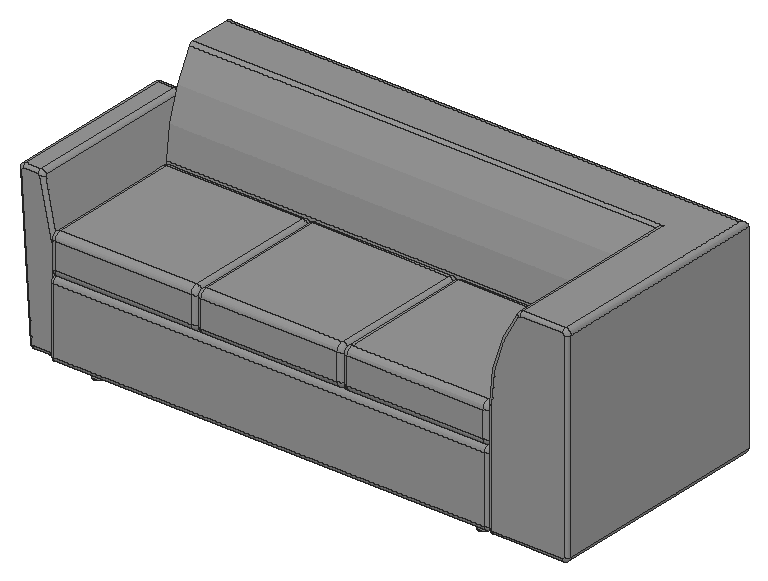
Revit family "Dylan", category Furniture, Revit 2016
Family settings
  OmniClass Number = 23.40.20.00
  OmniClass Title = General Furniture and Specialties
  Work Plane-Based = No
  Always vertical = Yes
  Cut with Voids When Loaded = No
  Shared = Yes
  Room Calculation Point = No
Parameters (values of type "Triple Seat-Right Corner Left Arm")
  Unit Width [instance] = 66"
  Unit Height = 33"
  Unit Depth = 34"
  Single Cushion = no
  Seat Height = 19"
  Seat Depth = 22"
  Seat Fabric [instance] = Linen, Beige
  Right Corner = yes
  Right Arm = no
  Number of cushions = 3
  No Corners = no
  More than one cushion = yes
  Leg Style [instance] = PG42AM : PG40-AM
  Left Corner = no
  Left Arm = yes
  Base Fabric [instance] = Linen, Beige
  Back Fabric [instance] = Linen, Beige
  Description = "Ridge S1 Unit 28\""
  Arm Fabric [instance] = Linen, Beige
Types (17): name | Unit Width | Single Cushion | Right Corner | Right Arm | Number of cushions | No Corners | More than one cushion | Left Corner | Left Arm
  Single Seat-2 Arms | 22" | yes | no | yes | 3 | yes | no | no | yes
  Double Seat-2 Arms | 44" | no | no | yes | 2 | yes | yes | no | yes
  Double Seat-No Arms | 44" | no | no | no | 2 | yes | yes | no | no
  Double Seat Left Arm | 44" | no | no | no | 2 | yes | yes | no | yes
  Double Seat Right Arm | 44" | no | no | yes | 2 | yes | yes | no | no
  Single Seat-No Arms | 22" | yes | no | no | 2 | yes | no | no | no
  Single Seat Left Arm | 22" | yes | no | no | 2 | yes | no | no | yes
  Single Seat Right Arm | 22" | yes | no | yes | 2 | yes | no | no | no
  Triple Seat Left Arm | 66" | no | no | no | 3 | yes | yes | no | yes
  Triple Seat Right Arm | 66" | no | no | yes | 3 | yes | yes | no | no
  Triple Seat-2 Arms | 66" | no | no | yes | 3 | yes | yes | no | yes
  Triple Seat-No Arms | 66" | no | no | no | 3 | yes | yes | no | no
  Triple Seat-Right Corner | 66" | no | yes | no | 3 | no | yes | no | no
  Triple Seat-Left Corner | 66" | no | no | no | 3 | no | yes | yes | no
  Triple Seat-Left Corner-Right Arm | 66" | no | no | yes | 3 | no | yes | yes | no
  Triple Seat-Right Corner Left Arm | 66" | no | yes | no | 3 | no | yes | no | yes
  Corner Seat | 22" | yes | yes | no | 2 | no | no | no | no
Reference planes (in)
  plane 1 "Center Front/Back": y = 0
  plane 2: z = 0
  plane 3 "Center Left/Right": x = 0
  plane 4: x = 12
  plane 5: x = -54
  plane 6: y = 11
  plane 7: y = -11
  plane 8 "Seat Height": z = 19
  plane 9: z = 1.5
  plane 10: y = 23
  plane 11: z = 33
Forms (in)
  Extrusion 1, solid, material "Linen, Beige" <- "Base Fabric"
    sketch origin (0, 0, 1) x (0, 1, 0) y (0, 0, 1)
      loop
        line (-10.25, 1.5) -> (10.25, 1.5)
        arc (10.25, 1.5) -> (10.78033, 1.71967) -> (11, 2.25) r 0.75
        line (11, 2.25) -> (11, 12.25)
        arc (11, 12.25) -> (10.78033, 12.78033) -> (10.25, 13) r 0.75
        line (10.25, 13) -> (-10.25, 13)
        arc (-10.25, 13) -> (-10.78033, 12.78033) -> (-11, 12.25) r 0.75
        line (-11, 12.25) -> (-11, 2.25)
        arc (-11, 2.25) -> (-10.78033, 1.71967) -> (-10.25, 1.5) r 0.75
    from -54 to 12
  Extrusion 2, solid, material "Linen, Beige" <- "Back Fabric", visible <- "No Corners"
    sketch origin (0, 0, 1) x (0, 1, 0) y (0, 0, 1)
      loop
        arc (15.88901, 33) -> (15.54093, 32.91433) -> (15.27237, 32.67691) r 0.75
        arc (15.27237, 32.67691) -> (12.09295, 26.16434) -> (11, 19) r 24.02778
        line (11, 19) -> (11, 2.25)
        arc (11, 2.25) -> (11.21967, 1.71967) -> (11.75, 1.5) r 0.75
        line (11.75, 1.5) -> (22.25, 1.5)
        arc (22.25, 1.5) -> (22.78033, 1.71967) -> (23, 2.25) r 0.75
        line (23, 2.25) -> (23, 32.25)
        arc (23, 32.25) -> (22.78033, 32.78033) -> (22.25, 33) r 0.75
        line (22.25, 33) -> (15.88901, 33)
    from -54 to 12
  Sweep 3, void
    path in 3D
      loop
        arc (12, -10.25, 14) -> (12, -10.78033, 13.78033) -> (12, -11, 13.25) r 0.75
        line (12, -11, 13.25) -> (12, -11, 3.25)
        arc (12, -11, 3.25) -> (12, -10.78033, 2.71967) -> (12, -10.25, 2.5) r 0.75
        line (12, -10.25, 2.5) -> (12, 10.25, 2.5)
        arc (12, 10.25, 2.5) -> (12, 10.78033, 2.71967) -> (12, 11, 3.25) r 0.75
        line (12, 11, 3.25) -> (12, 11, 13.25)
        arc (12, 11, 13.25) -> (12, 10.78033, 13.78033) -> (12, 10.25, 14) r 0.75
        line (12, 10.25, 14) -> (12, -10.25, 14)
    profile "Profile_Parametric Radius : .5" radius" origin (12, 0, 14) x (1, 0, 0) y (0, 0, 1)
      loop
        arc (-0.5, 0) -> (-0.14645, -0.14645) -> (0, -0.5) r 0.5
        line (0, -0.5) -> (0, 0) -> (-0.5, 0)
  Sweep 4, void
    path in 3D
      loop
        arc (-54, 10.25, 14) -> (-54, 10.78033, 13.78033) -> (-54, 11, 13.25) r 0.75
        line (-54, 11, 13.25) -> (-54, 11, 3.25)
        arc (-54, 11, 3.25) -> (-54, 10.78033, 2.71967) -> (-54, 10.25, 2.5) r 0.75
        line (-54, 10.25, 2.5) -> (-54, -10.25, 2.5)
        arc (-54, -10.25, 2.5) -> (-54, -10.78033, 2.71967) -> (-54, -11, 3.25) r 0.75
        line (-54, -11, 3.25) -> (-54, -11, 13.25)
        arc (-54, -11, 13.25) -> (-54, -10.78033, 13.78033) -> (-54, -10.25, 14) r 0.75
        line (-54, -10.25, 14) -> (-54, 10.25, 14)
    profile "Profile_Parametric Radius : .5" radius" origin (-54, 0, 14) x (-1, 0, 0) y (0, 0, 1)
      loop
        arc (-0.5, 0) -> (-0.14645, -0.14645) -> (0, -0.5) r 0.5
        line (0, -0.5) -> (0, 0) -> (-0.5, 0)
  Sweep 5, void
    path in 3D
      loop
        arc (12, 15.88901, 34) -> (12, 15.54093, 33.91433) -> (12, 15.27237, 33.67691) r 0.75
        arc (12, 15.27237, 33.67691) -> (12, 12.09295, 27.16434) -> (12, 11, 20) r 24.02778
        line (12, 11, 20) -> (12, 11, 3.25)
        arc (12, 11, 3.25) -> (12, 11.21967, 2.71967) -> (12, 11.75, 2.5) r 0.75
        line (12, 11.75, 2.5) -> (12, 22.25, 2.5)
        arc (12, 22.25, 2.5) -> (12, 22.78033, 2.71967) -> (12, 23, 3.25) r 0.75
        line (12, 23, 3.25) -> (12, 23, 33.25)
        arc (12, 23, 33.25) -> (12, 22.78033, 33.78033) -> (12, 22.25, 34) r 0.75
        line (12, 22.25, 34) -> (12, 15.88901, 34)
    profile "Profile_Parametric Radius : .5" radius" origin (12, 19.0695, 34) x (1, 0, 0) y (0, 0, 1)
      loop
        arc (-0.5, 0) -> (-0.14645, -0.14645) -> (0, -0.5) r 0.5
        line (0, -0.5) -> (0, 0) -> (-0.5, 0)
  Sweep 6, void
    path in 3D
      loop
        arc (-54, 22.25, 34) -> (-54, 22.78033, 33.78033) -> (-54, 23, 33.25) r 0.75
        line (-54, 23, 33.25) -> (-54, 23, 3.25)
        arc (-54, 23, 3.25) -> (-54, 22.78033, 2.71967) -> (-54, 22.25, 2.5) r 0.75
        line (-54, 22.25, 2.5) -> (-54, 11.75, 2.5)
        arc (-54, 11.75, 2.5) -> (-54, 11.21967, 2.71967) -> (-54, 11, 3.25) r 0.75
        line (-54, 11, 3.25) -> (-54, 11, 20)
        arc (-54, 11, 20) -> (-54, 12.09295, 27.16434) -> (-54, 15.27237, 33.67691) r 24.02778
        arc (-54, 15.27237, 33.67691) -> (-54, 15.54093, 33.91433) -> (-54, 15.88901, 34) r 0.75
        line (-54, 15.88901, 34) -> (-54, 22.25, 34)
    profile "Profile_Parametric Radius : .5" radius" origin (-54, 19.0695, 34) x (-1, 0, 0) y (0, 0, 1)
      loop
        arc (-0.5, 0) -> (-0.14645, -0.14645) -> (0, -0.5) r 0.5
        line (0, -0.5) -> (0, 0) -> (-0.5, 0)
  Sweep 7, solid, material "Linen, Beige" <- "Back Fabric", visible <- "Right Corner"
    path origin (0, 0, 0) x (1, 0, 0) y (0, 1, 0)
      loop
        line (-54, 23) -> (24, 23) -> (24, -11)
    profile origin (-15, 23, 0) x (0, 1, 0) y (0, 0, 1)
      loop
        arc (-7.11099, 34) -> (-7.45907, 33.91433) -> (-7.72763, 33.67691) r 0.75
        arc (-7.72763, 33.67691) -> (-10.90705, 27.16434) -> (-12, 20) r 24.02778
        line (-12, 20) -> (-12, 3.25)
        arc (-12, 3.25) -> (-11.78033, 2.71967) -> (-11.25, 2.5) r 0.75
        line (-11.25, 2.5) -> (-0.75, 2.5)
        arc (-0.75, 2.5) -> (-0.21967, 2.71967) -> (0, 3.25) r 0.75
        line (0, 3.25) -> (0, 33.25)
        arc (0, 33.25) -> (-0.21967, 33.78033) -> (-0.75, 34) r 0.75
        line (-0.75, 34) -> (-7.11099, 34)
  Sweep 8, solid, material "Linen, Beige" <- "Back Fabric", visible <- "Left Corner"
    path origin (-48, 0, 0) x (-1, 0, 0) y (0, 1, 0)
      loop
        line (-60, 23) -> (18, 23) -> (18, -11)
    profile origin (-27, 23, 0) x (0, -1, 0) y (0, 0, 1)
      loop
        line (7.11099, 34) -> (0.75, 34)
        arc (0.75, 34) -> (0.21967, 33.78033) -> (0, 33.25) r 0.75
        line (0, 33.25) -> (0, 3.25)
        arc (0, 3.25) -> (0.21967, 2.71967) -> (0.75, 2.5) r 0.75
        line (0.75, 2.5) -> (11.25, 2.5)
        arc (11.25, 2.5) -> (11.78033, 2.71967) -> (12, 3.25) r 0.75
        line (12, 3.25) -> (12, 20)
        arc (12, 20) -> (10.90705, 27.16434) -> (7.72763, 33.67691) r 24.02778
        arc (7.72763, 33.67691) -> (7.45907, 33.91433) -> (7.11099, 34) r 0.75
  Sweep 9, void
    path in 3D
      loop
        arc (16.88901, -11, 34) -> (16.54093, -11, 33.91433) -> (16.27237, -11, 33.67691) r 0.75
        arc (16.27237, -11, 33.67691) -> (13.09295, -11, 27.16434) -> (12, -11, 20) r 24.02778
        line (12, -11, 20) -> (12, -11, 3.25)
        arc (12, -11, 3.25) -> (12.21967, -11, 2.71967) -> (12.75, -11, 2.5) r 0.75
        line (12.75, -11, 2.5) -> (23.25, -11, 2.5)
        arc (23.25, -11, 2.5) -> (23.78033, -11, 2.71967) -> (24, -11, 3.25) r 0.75
        line (24, -11, 3.25) -> (24, -11, 33.25)
        arc (24, -11, 33.25) -> (23.78033, -11, 33.78033) -> (23.25, -11, 34) r 0.75
        line (23.25, -11, 34) -> (16.88901, -11, 34)
    profile "Profile_Parametric Radius : .5" radius" origin (20.0695, -11, 34) x (0, -1, 0) y (0, 0, 1)
      loop
        arc (-0.5, 0) -> (-0.14645, -0.14645) -> (0, -0.5) r 0.5
        line (0, -0.5) -> (0, 0) -> (-0.5, 0)
  Sweep 10, void
    path in 3D
      loop
        arc (-65.25, -11, 34) -> (-65.78033, -11, 33.78033) -> (-66, -11, 33.25) r 0.75
        line (-66, -11, 33.25) -> (-66, -11, 3.25)
        arc (-66, -11, 3.25) -> (-65.78033, -11, 2.71967) -> (-65.25, -11, 2.5) r 0.75
        line (-65.25, -11, 2.5) -> (-54.75, -11, 2.5)
        arc (-54.75, -11, 2.5) -> (-54.21967, -11, 2.71967) -> (-54, -11, 3.25) r 0.75
        line (-54, -11, 3.25) -> (-54, -11, 20)
        arc (-54, -11, 20) -> (-55.09295, -11, 27.16434) -> (-58.27237, -11, 33.67691) r 24.02778
        arc (-58.27237, -11, 33.67691) -> (-58.54093, -11, 33.91433) -> (-58.88901, -11, 34) r 0.75
        line (-58.88901, -11, 34) -> (-65.25, -11, 34)
    profile "Profile_Parametric Radius : .5" radius" origin (-62.0695, -11, 34) x (0, -1, 0) y (0, 0, 1)
      loop
        arc (-0.5, 0) -> (-0.14645, -0.14645) -> (0, -0.5) r 0.5
        line (0, -0.5) -> (0, 0) -> (-0.5, 0)
Cuts and joins
  Sweep 3, Sweep 4 cuts Extrusion 1
  Sweep 5, Sweep 6 cuts Extrusion 2
  Sweep 9 cuts Sweep 7
  Sweep 10 cuts Sweep 8
Lines and regions (in)
  sketch lines
    curve 1: line (12, 10.25, 14) -> (12, -10.25, 14)
    curve 2: arc (12, -11, 13.25) -> (12, -10.78033, 13.78033) -> (12, -10.25, 14) r 0.75
    curve 3: line (12, -11, 13.25) -> (12, -11, 3.25)
    curve 4: arc (12, -10.25, 2.5) -> (12, -10.78033, 2.71967) -> (12, -11, 3.25) r 0.75
    curve 5: line (12, -10.25, 2.5) -> (12, 10.25, 2.5)
    curve 6: arc (12, 11, 3.25) -> (12, 10.78033, 2.71967) -> (12, 10.25, 2.5) r 0.75
    curve 7: arc (12, 10.25, 14) -> (12, 10.78033, 13.78033) -> (12, 11, 13.25) r 0.75
    curve 8: line (12, 11, 3.25) -> (12, 11, 13.25)
    curve 9: line (-54, -10.25, 14) -> (-54, 10.25, 14)
    curve 10: arc (-54, -10.25, 14) -> (-54, -10.78033, 13.78033) -> (-54, -11, 13.25) r 0.75
    curve 11: line (-54, -11, 3.25) -> (-54, -11, 13.25)
    curve 12: arc (-54, -11, 3.25) -> (-54, -10.78033, 2.71967) -> (-54, -10.25, 2.5) r 0.75
    curve 13: line (-54, 10.25, 2.5) -> (-54, -10.25, 2.5)
    curve 14: arc (-54, 10.25, 2.5) -> (-54, 10.78033, 2.71967) -> (-54, 11, 3.25) r 0.75
    curve 15: line (-54, 11, 13.25) -> (-54, 11, 3.25)
    curve 16: arc (-54, 11, 13.25) -> (-54, 10.78033, 13.78033) -> (-54, 10.25, 14) r 0.75
    curve 17: line (12, 22.25, 34) -> (12, 15.88901, 34)
    curve 18: arc (12, 15.27237, 33.67691) -> (12, 15.54093, 33.91433) -> (12, 15.88901, 34) r 0.75
    curve 19: arc (12, 11, 20) -> (12, 12.09295, 27.16434) -> (12, 15.27237, 33.67691) r 24.02778
    curve 20: line (12, 11, 20) -> (12, 11, 3.25)
    curve 21: arc (12, 11.75, 2.5) -> (12, 11.21967, 2.71967) -> (12, 11, 3.25) r 0.75
    curve 22: line (12, 11.75, 2.5) -> (12, 22.25, 2.5)
    curve 23: arc (12, 23, 3.25) -> (12, 22.78033, 2.71967) -> (12, 22.25, 2.5) r 0.75
    curve 24: line (12, 23, 3.25) -> (12, 23, 33.25)
    curve 25: arc (12, 22.25, 34) -> (12, 22.78033, 33.78033) -> (12, 23, 33.25) r 0.75
    curve 26: line (-54, 15.88901, 34) -> (-54, 22.25, 34)
    curve 27: arc (-54, 15.88901, 34) -> (-54, 15.54093, 33.91433) -> (-54, 15.27237, 33.67691) r 0.75
    curve 28: arc (-54, 15.27237, 33.67691) -> (-54, 12.09295, 27.16434) -> (-54, 11, 20) r 24.02778
    curve 29: arc (-54, 23, 33.25) -> (-54, 22.78033, 33.78033) -> (-54, 22.25, 34) r 0.75
    curve 30: line (-54, 23, 33.25) -> (-54, 23, 3.25)
    curve 31: arc (-54, 22.25, 2.5) -> (-54, 22.78033, 2.71967) -> (-54, 23, 3.25) r 0.75
    curve 32: line (-54, 22.25, 2.5) -> (-54, 11.75, 2.5)
    curve 33: arc (-54, 11, 3.25) -> (-54, 11.21967, 2.71967) -> (-54, 11.75, 2.5) r 0.75
    curve 34: line (-54, 11, 3.25) -> (-54, 11, 20)
    curve 35: line (23.25, -11, 34) -> (16.88901, -11, 34)
    curve 36: arc (16.27237, -11, 33.67691) -> (16.54093, -11, 33.91433) -> (16.88901, -11, 34) r 0.75
    curve 37: arc (12, -11, 20) -> (13.09295, -11, 27.16434) -> (16.27237, -11, 33.67691) r 24.02778
    curve 38: arc (23.25, -11, 34) -> (23.78033, -11, 33.78033) -> (24, -11, 33.25) r 0.75
    curve 39: line (24, -11, 3.25) -> (24, -11, 33.25)
    curve 40: line (12, -11, 20) -> (12, -11, 3.25)
    curve 41: arc (12.75, -11, 2.5) -> (12.21967, -11, 2.71967) -> (12, -11, 3.25) r 0.75
    curve 42: line (12.75, -11, 2.5) -> (23.25, -11, 2.5)
    curve 43: arc (24, -11, 3.25) -> (23.78033, -11, 2.71967) -> (23.25, -11, 2.5) r 0.75
    curve 44: line (-58.88901, -11, 34) -> (-65.25, -11, 34)
    curve 45: arc (-66, -11, 33.25) -> (-65.78033, -11, 33.78033) -> (-65.25, -11, 34) r 0.75
    curve 46: line (-66, -11, 33.25) -> (-66, -11, 3.25)
    curve 47: arc (-65.25, -11, 2.5) -> (-65.78033, -11, 2.71967) -> (-66, -11, 3.25) r 0.75
    curve 48: line (-65.25, -11, 2.5) -> (-54.75, -11, 2.5)
    curve 49: arc (-54, -11, 3.25) -> (-54.21967, -11, 2.71967) -> (-54.75, -11, 2.5) r 0.75
    curve 50: line (-54, -11, 3.25) -> (-54, -11, 20)
    curve 51: arc (-58.27237, -11, 33.67691) -> (-55.09295, -11, 27.16434) -> (-54, -11, 20) r 24.02778
    curve 52: arc (-58.88901, -11, 34) -> (-58.54093, -11, 33.91433) -> (-58.27237, -11, 33.67691) r 0.75
Dimensions and locks (in)
  equal spacing: plane 6, plane 1 "Center Front/Back", plane 7
  "Unit Width": plane 5 to plane 4
  "Seat Depth": plane 6 to plane 7
  "Seat Height": plane 8 "Seat Height" to plane 2
  plane 9 to plane 2 = 1 1/2"
  "Unit Depth": plane 10 to plane 7
  "Unit Height": plane 11 to plane 2
  equal spacing: group 3, group 2, group 1
  equal spacing: group 1, group 2, group 3  (x2)
  locked: plane 5 to nested 6 at 4
  locked: nested 7 to plane 4 at 4
  locked: nested 8 to plane 4 at 4
  locked: plane 5 to nested 9 at 4
  locked: nested 6 to plane 7 at 4
  locked: plane 10 to nested 8 at 4
  aligned and locked: level to plane 2
  aligned and locked: Extrusion 1 to plane 5
  aligned and locked: plane 4 to Extrusion 1
  aligned and locked: Extrusion 2 to plane 5
  aligned and locked: plane 4 to Extrusion 2
  aligned and locked: nested 1 to plane 4
  aligned and locked: nested 2 to plane 5
  aligned and locked: plane 4 to nested 4
  aligned and locked: nested 9 to nested 8
Automatic sketch dimensions
  Extrusion 1 sketch curve to plane 7 = 0"
  plane 9 to Extrusion 1 sketch curve = 1"
  Extrusion 1 sketch curve to plane 6 = 0"
  plane 7 to Extrusion 1 sketch curve = 3/4"  (x2)
  Extrusion 1 sketch curve to Extrusion 1 sketch curve = 3/4"
  Extrusion 1 sketch curve to plane 6 = 3/4"
  Extrusion 1 sketch curve to plane 8 "Seat Height" = 5 3/4"
  Extrusion 2 sketch curve to plane 6 = 0"
  plane 9 to Extrusion 2 sketch curve = 1"
  plane 11 to Extrusion 2 sketch curve = 1"
  Extrusion 2 sketch curve to plane 10 = 0"
  plane 8 "Seat Height" to Extrusion 2 sketch curve = 1"
  plane 6 to Extrusion 2 sketch curve = 3/4"
  plane 11 to Extrusion 2 sketch curve = 1/4"
  plane 6 to Extrusion 2 sketch curve = 4.88901"
  Extrusion 2 sketch curve to Extrusion 2 sketch curve = 3/4"  (x2)
  plane 10 to Extrusion 2 sketch curve = 12.02778"
  Sweep 7 sketch curve to profile plane = 0"
  profile plane to Sweep 7 sketch curve = 3/4"  (x2)
  Sweep 7 sketch curve to Sweep 7 sketch curve = 6.36099"
  level to Sweep 7 sketch curve = 2 1/2"
  Sweep 7 sketch curve to Sweep 7 sketch curve = 10 1/2"
  profile plane to Sweep 7 sketch curve = 12"
  Sweep 7 sketch curve to profile plane = 12.02778"
  level to Sweep 7 sketch curve = 20"
  Sweep 7 sketch curve to Sweep 7 sketch curve = 13 1/4"
  Sweep 7 sketch curve to Sweep 7 sketch curve = 0"
  Sweep 8 sketch curve to plane 4 = 0"
  Sweep 8 sketch curve to plane 7 = 0"
  Sweep 8 sketch curve to plane 10 = 0"
  plane 5 to Sweep 8 sketch curve = 12"
  Sweep 8 sketch curve to profile plane = 0"
  profile plane to Sweep 8 sketch curve = 12.02778"
  Sweep 8 sketch curve to profile plane = 3/4"
  Sweep 8 sketch curve to Sweep 8 sketch curve = 3/4"  (x2)
  Sweep 8 sketch curve to Sweep 8 sketch curve = 6.36099"
  level to Sweep 8 sketch curve = 2 1/2"
  Sweep 8 sketch curve to Sweep 8 sketch curve = 10 1/2"
  level to Sweep 8 sketch curve = 20"
  Sweep 8 sketch curve to Sweep 8 sketch curve = 13 1/4"
  Sweep 8 sketch curve to Sweep 8 sketch curve = 0"
  Sweep 7 sketch curve to plane 5 = 0"
  Sweep 7 sketch curve to plane 7 = 0"
  plane 4 to Sweep 7 sketch curve = 12"
  Sweep 7 sketch curve to plane 10 = 0"
Nested families (in)
  nested 1: "Dylan Arm" at (14, 3, 1), Arm Fabric <- "Arm Fabric", visible <- "Right Arm", type "4" Arm"
    with Arm Width 4", Arm Fabric Linen, Beige
  nested 2: "Dylan Arm" at (-56, 3, 1) x (-1, 0, 0) z (0, 0, 1), Arm Fabric <- "Arm Fabric", visible <- "Left Arm", type "4" Arm"
    with Arm Width 4", Arm Fabric Linen, Beige
  nested 3: "Dylan Cushion" at (0, 0, 1), visible <- "Single Cushion", Seat Fabric <- "Seat Fabric", type "Single Seat"
    with Unit Width 22", Seat Fabric Linen, Beige, Leg Material none, Back Fabric none, Arm Fabric none
  nested 4: "Dylan Cushion" at (0, 0, 1), visible <- "More than one cushion", Seat Fabric <- "Seat Fabric", type "Single Seat"
    with Unit Width 22", Seat Fabric Linen, Beige, Leg Material none, Back Fabric none, Arm Fabric none
  nested 5: "Dylan Cushion" at (-22, 0, 1), visible <- "More than one cushion", Seat Fabric <- "Seat Fabric", type "Single Seat"
    with Unit Width 22", Seat Fabric Linen, Beige, Leg Material none, Back Fabric none, Arm Fabric none
  nested 6: "PG42AM" at (-50, -7, 0), type <- "Leg Style", type "PG40-AM"
  nested 7: "PG42AM" at (8, -7, 0), type <- "Leg Style", type "PG40-AM"
  nested 8: "PG42AM" at (8, 19, 0), type <- "Leg Style", type "PG40-AM"
  nested 9: "PG42AM" at (-50, 19, 0), type <- "Leg Style", type "PG40-AM"
  nested 10: "Dylan Cushion" at (-44, 0, 1), visible <- "More than one cushion", Seat Fabric <- "Seat Fabric", type "Single Seat"
    with Unit Width 22", Seat Fabric Linen, Beige, Leg Material none, Back Fabric none, Arm Fabric none
Definition of nested family "Dylan Arm"
  Parameters (values of type "4" Arm")
    Arm Width [instance] = 4"
    Arm Height = 26"
    Arm Fabric [instance] = none
  Reference planes (in)
    plane 1 "Center Front/Back": y = 0
    plane 2: z = 0
    plane 3 "Center Left/Right": x = 0
    plane 4: x = 2
    plane 5: x = -2
    plane 6: z = 26
    plane 7: y = 13
    plane 8: y = -13
  Forms (in)
    Extrusion 1, solid, material <- "Arm Fabric"
      sketch origin (0, 0, 0) x (1, 0, 0) y (0, 0, 1)
        loop
          line (-1.25, 1.5) -> (1.29857, 1.5)
          arc (1.29857, 1.5) -> (1.81087, 1.70223) -> (2.0469, 2.19986) r 0.75
          line (2.0469, 2.19986) -> (3.58805, 25.19986)
          arc (3.58805, 25.19986) -> (3.3875, 25.7623) -> (2.83973, 26) r 0.75
          line (2.83973, 26) -> (0.57083, 26)
          arc (0.57083, 26) -> (0.10015, 25.83392) -> (-0.16208, 25.40922) r 0.75
          line (-0.16208, 25.40922) -> (-2, 16.9493) -> (-2, 2.25)
          arc (-2, 2.25) -> (-1.78033, 1.71967) -> (-1.25, 1.5) r 0.75
      from -13 to 13
    Sweep 2, void
      path in 3D
        loop
          arc (0.57083, -13, 26) -> (0.10015, -13, 25.83392) -> (-0.16208, -13, 25.40922) r 0.75
          line (-0.16208, -13, 25.40922) -> (-2, -13, 16.9493) -> (-2, -13, 2.25)
          arc (-2, -13, 2.25) -> (-1.78033, -13, 1.71967) -> (-1.25, -13, 1.5) r 0.75
          line (-1.25, -13, 1.5) -> (1.29857, -13, 1.5)
          arc (1.29857, -13, 1.5) -> (1.81087, -13, 1.70223) -> (2.0469, -13, 2.19986) r 0.75
          line (2.0469, -13, 2.19986) -> (3.58805, -13, 25.19986)
          arc (3.58805, -13, 25.19986) -> (3.3875, -13, 25.7623) -> (2.83973, -13, 26) r 0.75
          line (2.83973, -13, 26) -> (0.57083, -13, 26)
      profile "Profile_Parametric Radius : .5" radius" origin (1.70528, -13, 26) x (0, -1, 0) y (0, 0, 1)
        loop
          arc (-0.5, 0) -> (-0.14645, -0.14645) -> (0, -0.5) r 0.5
          line (0, -0.5) -> (0, 0) -> (-0.5, 0)
    Sweep 3, void
      path in 3D
        loop
          arc (2.83973, 13, 26) -> (3.3875, 13, 25.7623) -> (3.58805, 13, 25.19986) r 0.75
          line (3.58805, 13, 25.19986) -> (2.0469, 13, 2.19986)
          arc (2.0469, 13, 2.19986) -> (1.81087, 13, 1.70223) -> (1.29857, 13, 1.5) r 0.75
          line (1.29857, 13, 1.5) -> (-1.25, 13, 1.5)
          arc (-1.25, 13, 1.5) -> (-1.78033, 13, 1.71967) -> (-2, 13, 2.25) r 0.75
          line (-2, 13, 2.25) -> (-2, 13, 16.9493) -> (-0.16208, 13, 25.40922)
          arc (-0.16208, 13, 25.40922) -> (0.10015, 13, 25.83392) -> (0.57083, 13, 26) r 0.75
          line (0.57083, 13, 26) -> (2.83973, 13, 26)
      profile "Profile_Parametric Radius : .5" radius" origin (1.70528, 13, 26) x (0, 1, 0) y (0, 0, 1)
        loop
          arc (-0.5, 0) -> (-0.14645, -0.14645) -> (0, -0.5) r 0.5
          line (0, -0.5) -> (0, 0) -> (-0.5, 0)
  Cuts and joins
    Sweep 2, Sweep 3 cuts Extrusion 1
  Lines and regions (in)
    sketch lines
      curve 1: line (2.83973, -13, 26) -> (0.57083, -13, 26)
      curve 2: arc (-0.16208, -13, 25.40922) -> (0.10015, -13, 25.83392) -> (0.57083, -13, 26) r 0.75
      curve 3: line (-0.16208, -13, 25.40922) -> (-2, -13, 16.9493)
      curve 4: line (-2, -13, 16.9493) -> (-2, -13, 2.25)
      curve 5: arc (-1.25, -13, 1.5) -> (-1.78033, -13, 1.71967) -> (-2, -13, 2.25) r 0.75
      curve 6: line (-1.25, -13, 1.5) -> (1.29857, -13, 1.5)
      curve 7: arc (2.0469, -13, 2.19986) -> (1.81087, -13, 1.70223) -> (1.29857, -13, 1.5) r 0.75
      curve 8: line (2.0469, -13, 2.19986) -> (3.58805, -13, 25.19986)
      curve 9: arc (2.83973, -13, 26) -> (3.3875, -13, 25.7623) -> (3.58805, -13, 25.19986) r 0.75
      curve 10: line (0.57083, 13, 26) -> (2.83973, 13, 26)
      curve 11: arc (0.57083, 13, 26) -> (0.10015, 13, 25.83392) -> (-0.16208, 13, 25.40922) r 0.75
      curve 12: line (-2, 13, 16.9493) -> (-0.16208, 13, 25.40922)
      curve 13: line (-2, 13, 2.25) -> (-2, 13, 16.9493)
      curve 14: arc (-2, 13, 2.25) -> (-1.78033, 13, 1.71967) -> (-1.25, 13, 1.5) r 0.75
      curve 15: line (1.29857, 13, 1.5) -> (-1.25, 13, 1.5)
      curve 16: arc (1.29857, 13, 1.5) -> (1.81087, 13, 1.70223) -> (2.0469, 13, 2.19986) r 0.75
      curve 17: line (3.58805, 13, 25.19986) -> (2.0469, 13, 2.19986)
      curve 18: arc (3.58805, 13, 25.19986) -> (3.3875, 13, 25.7623) -> (2.83973, 13, 26) r 0.75
  Dimensions and locks (in)
    "Arm Width": plane 5 to plane 4
    equal spacing: plane 5, plane 3 "Center Left/Right", plane 4
    "Arm Height": plane 6 to plane 2
    aligned and locked: level to plane 2
    aligned and locked: Extrusion 1 to plane 8
    aligned and locked: plane 7 to Extrusion 1
  Automatic sketch dimensions
    Extrusion 1 sketch curve to plane 5 = 0"
    Extrusion 1 sketch curve to plane 6 = 0"
    plane 5 to Extrusion 1 sketch curve = 3/4"
    plane 3 "Center Left/Right" to Extrusion 1 sketch curve = 0.57083"
    Extrusion 1 sketch curve to plane 4 = 0.70143"
    plane 4 to Extrusion 1 sketch curve = 0.0469"
    plane 4 to Extrusion 1 sketch curve = 0.83973"
    Extrusion 1 sketch curve to plane 6 = 0.80014"
    Extrusion 1 sketch curve to Extrusion 1 sketch curve = 0.74832"
    Extrusion 1 sketch curve to plane 6 = 9.0507"
    level to Extrusion 1 sketch curve = 2 1/4"
    Extrusion 1 sketch curve to Extrusion 1 sketch curve = 3/4"
    Extrusion 1 sketch curve to plane 6 = 3/4"
    Extrusion 1 sketch curve to plane 3 "Center Left/Right" = 0.16208"
Definition of nested family "Dylan Cushion"
  Parameters (values of type "Single Seat")
    Unit Width [instance] = 24"
    Unit Height = 33"
    Unit Depth = 34"
    Seat Height = 19"
    Seat Depth = 22"
    Seat Fabric [instance] = none
    Back Fabric [instance] = none
    Leg Material [instance] = none
    Description = "Ridge S1 Unit 28\""
    Arm Fabric [instance] = none
  Reference planes (in)
    plane 1 "Center Front/Back": y = 0
    plane 2: z = 0
    plane 3 "Center Left/Right": x = 0
    plane 4: x = 12
    plane 5: x = -12
    plane 6: y = 11
    plane 7: y = -11
    plane 8 "Seat Height": z = 19
    plane 9: z = 1.5
    plane 10: y = 23
    plane 11: z = 33
  Forms (in)
    Extrusion 1, solid, material <- "Seat Fabric"
      sketch origin (0, 0, 0) x (0, 1, 0) y (0, 0, 1)
        loop
          arc (-10, 19) -> (-10.70711, 18.70711) -> (-11, 18) r 1
          line (-11, 18) -> (-11, 14)
          arc (-11, 14) -> (-10.70711, 13.29289) -> (-10, 13) r 1
          line (-10, 13) -> (10, 13)
          arc (10, 13) -> (10.70711, 13.29289) -> (11, 14) r 1
          line (11, 14) -> (11, 18)
          arc (11, 18) -> (10.70711, 18.70711) -> (10, 19) r 1
          line (10, 19) -> (-10, 19)
      from 12 to -12
    Sweep 2, void
      path in 3D
        loop
          arc (12, -10, 19) -> (12, -10.70711, 18.70711) -> (12, -11, 18) r 1
          line (12, -11, 18) -> (12, -11, 14)
          arc (12, -11, 14) -> (12, -10.70711, 13.29289) -> (12, -10, 13) r 1
          line (12, -10, 13) -> (12, 10, 13)
          arc (12, 10, 13) -> (12, 10.70711, 13.29289) -> (12, 11, 14) r 1
          line (12, 11, 14) -> (12, 11, 18)
          arc (12, 11, 18) -> (12, 10.70711, 18.70711) -> (12, 10, 19) r 1
          line (12, 10, 19) -> (12, -10, 19)
      profile "Profile_Parametric Radius : 3/4" radius" origin (12, 0, 19) x (1, 0, 0) y (0, 0, 1)
        loop
          arc (-0.75, 0) -> (-0.21967, -0.21967) -> (0, -0.75) r 0.75
          line (0, -0.75) -> (0, 0) -> (-0.75, 0)
    Sweep 3, void
      path in 3D
        loop
          arc (-12, 10, 19) -> (-12, 10.70711, 18.70711) -> (-12, 11, 18) r 1
          line (-12, 11, 18) -> (-12, 11, 14)
          arc (-12, 11, 14) -> (-12, 10.70711, 13.29289) -> (-12, 10, 13) r 1
          line (-12, 10, 13) -> (-12, -10, 13)
          arc (-12, -10, 13) -> (-12, -10.70711, 13.29289) -> (-12, -11, 14) r 1
          line (-12, -11, 14) -> (-12, -11, 18)
          arc (-12, -11, 18) -> (-12, -10.70711, 18.70711) -> (-12, -10, 19) r 1
          line (-12, -10, 19) -> (-12, 10, 19)
      profile "Profile_Parametric Radius : 3/4" radius" origin (-12, 0, 19) x (-1, 0, 0) y (0, 0, 1)
        loop
          arc (-0.75, 0) -> (-0.21967, -0.21967) -> (0, -0.75) r 0.75
          line (0, -0.75) -> (0, 0) -> (-0.75, 0)
  Cuts and joins
    Sweep 2, Sweep 3 cuts Extrusion 1
  Lines and regions (in)
    sketch lines
      curve 1: line (12, 10, 19) -> (12, -10, 19)
      curve 2: arc (12, -11, 18) -> (12, -10.70711, 18.70711) -> (12, -10, 19) r 1
      curve 3: line (12, -11, 18) -> (12, -11, 14)
      curve 4: arc (12, -10, 13) -> (12, -10.70711, 13.29289) -> (12, -11, 14) r 1
      curve 5: line (12, -10, 13) -> (12, 10, 13)
      curve 6: arc (12, 11, 14) -> (12, 10.70711, 13.29289) -> (12, 10, 13) r 1
      curve 7: line (12, 11, 14) -> (12, 11, 18)
      curve 8: arc (12, 10, 19) -> (12, 10.70711, 18.70711) -> (12, 11, 18) r 1
      curve 9: line (-12, -10, 19) -> (-12, 10, 19)
      curve 10: arc (-12, 11, 18) -> (-12, 10.70711, 18.70711) -> (-12, 10, 19) r 1
      curve 11: line (-12, 11, 18) -> (-12, 11, 14)
      curve 12: arc (-12, 10, 13) -> (-12, 10.70711, 13.29289) -> (-12, 11, 14) r 1
      curve 13: line (-12, 10, 13) -> (-12, -10, 13)
      curve 14: arc (-12, -11, 14) -> (-12, -10.70711, 13.29289) -> (-12, -10, 13) r 1
      curve 15: line (-12, -11, 14) -> (-12, -11, 18)
      curve 16: arc (-12, -10, 19) -> (-12, -10.70711, 18.70711) -> (-12, -11, 18) r 1
  Dimensions and locks (in)
    equal spacing: plane 6, plane 1 "Center Front/Back", plane 7
    "Unit Width": plane 5 to plane 4
    "Seat Depth": plane 6 to plane 7
    "Seat Height": plane 8 "Seat Height" to plane 2
    plane 9 to plane 2 = 1 1/2"
    "Unit Depth": plane 10 to plane 7
    "Unit Height": plane 11 to plane 2
    aligned and locked: level to plane 2
    aligned and locked: plane 4 to Extrusion 1
    aligned and locked: Extrusion 1 to plane 5
  Automatic sketch dimensions
    Extrusion 1 sketch curve to plane 7 = 0"
    Extrusion 1 sketch curve to plane 8 "Seat Height" = 0"
    Extrusion 1 sketch curve to plane 6 = 0"
    plane 7 to Extrusion 1 sketch curve = 1"  (x2)
    Extrusion 1 sketch curve to Extrusion 1 sketch curve = 1"
    Extrusion 1 sketch curve to plane 6 = 1"
    Extrusion 1 sketch curve to Extrusion 1 sketch curve = 4"
Definition of nested family "PG42AM"
  Parameters (values of type "PG40-AM")
    Nested Leg Rubber [instance] = none
    Nested Leg Metal [instance] = none
    Foot Radius = 3/4"
    Foot Diameter = 2 * Foot Radius  # 1 1/2"
  Reference planes (in)
    plane 1 "Center Front/Back": y = 0
    plane 2: z = 0
    plane 3 "Center Left/Right": x = 0
    plane 4: x = -0.75
    plane 5: x = 0.75
    plane 6: y = 0.75
    plane 7: y = -0.75
    plane 8: z = 2.5
    plane 9: z = 0.125
  Forms (in)
    Extrusion 1, solid, material <- "Nested Leg Metal"
      sketch origin (0, 0, 0) x (1, 0, 0) y (0, 1, 0)
        loop
          circle (0, 0) r 0.75
      from 0.125 to 2.5
    Revolve 2, solid, material <- "Nested Leg Rubber"
      sketch origin (0, 0, 0) x (0, 1, 0) y (0, 0, 1)
        loop
          line (0, 0) -> (0.56703, 0)
          arc (0.56703, 0) -> (0.67783, 0.03423) -> (0.75, 0.125) r 0.19641
          line (0.75, 0.125) -> (0, 0.125) -> (0, 0)
        axis (0, 0.125) -> (0, 0)
      angle from 0 to 360
  Dimensions and locks (in)
    equal spacing: plane 4, plane 3 "Center Left/Right", plane 5
    plane 4 to plane 5 = 1 1/2"
    equal spacing: plane 6, plane 1 "Center Front/Back", plane 7
    plane 6 to plane 7 = 1 1/2"
    plane 8 to plane 2 = 2 1/2"  (x2)
    plane 9 to plane 2 = 1/8"
    "Foot Radius": Revolve 2 sketch curve to Revolve 2 sketch curve
    "Foot Radius": radius of Extrusion 1 sketch curve
    aligned and locked: level to plane 2
    aligned and locked: Extrusion 1 to plane 9
    aligned and locked: plane 9 to Revolve 2 sketch curve
    aligned and locked: plane 8 to Extrusion 1
  Automatic sketch dimensions
    plane 1 "Center Front/Back" to Extrusion 1 sketch curve = 0"
    Extrusion 1 sketch curve to plane 3 "Center Left/Right" = 0"
    Revolve 2 sketch curve to plane 1 "Center Front/Back" = 0"  (x2)
    Revolve 2 sketch curve to level = 0"
    Revolve 2 sketch curve to plane 6 = 0.18297"
    Revolve 2 sketch curve to Revolve 2 sketch curve = 0.54375"
    plane 8 to Revolve 2 sketch curve = 0.51875"
